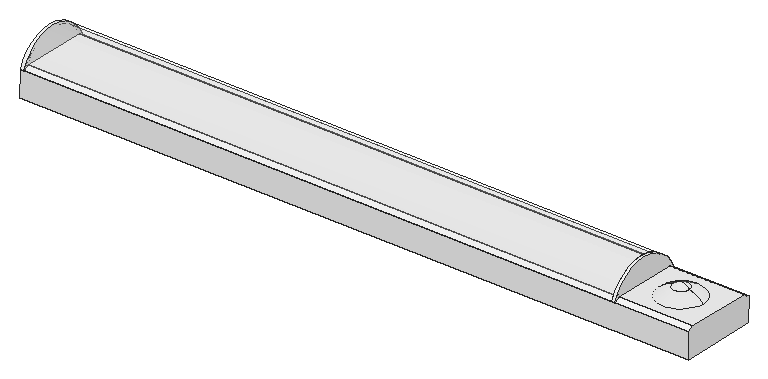
Revit family "LBIL", category Lighting Fixtures, host Face, Revit 2012
Parameters (values of type "LBIL-4-40ML-EU")
  Wattage = 52 W
  built-in parameter 1150110 = 1 (stored number, unit not read)
  Voltage = 120 V
  Wattage Comments = "Up to 110 lumens per watt"
  URL = "http://www.columbialighting.com/"
  built-in parameter 1114217 = 1 (stored number, unit not read)
  Tilt Angle = -90.00°
  built-in parameter 1150109 = 1 (stored number, unit not read)
  built-in parameter 1150134 = 12
  built-in parameter 1150113 = 1 (stored number, unit not read)
  Product Page URL = "http://www.columbialighting.com/products/lbil"
  Product Documentation Link = "http://www.columbialighting.com/content/products/specs/specs_files/lbil.pdf"
  Photometric Web File = "LBIL-4-40ML-EU.ies"
  Nominal Watts = 52 W
  Model = "LBIL"  # constant formula
  Manufacturer Phone = "(864)-678-1000"  # constant formula
  Manufacturer Fax = "(866)-898-1065"  # constant formula
  Manufacturer = "Columbia Lighting"  # constant formula
  Row Length = 4.0 ft
  built-in parameter 1150105 = 417.94 (stored number, unit not read)
  Lumens = 5252 lm
  built-in parameter 1150115 = 1 (stored number, unit not read)
  Lumen Output = "Medium Lumen"
  built-in parameter 1150137 = (empty or 0)
  built-in parameter 1150139 = (empty or 0)
  built-in parameter 1150112 = 1 (stored number, unit not read)
  built-in parameter 1150114 = 1 (stored number, unit not read)
  Lamp = "LED lamp"
  built-in parameter 1150132 = (empty or 0)
  built-in parameter 1150102 = (empty or 0)
  built-in parameter 1150107 = 4000 (stored number, unit not read)
  built-in parameter 1150138 = (empty or 0)
  built-in parameter 1150106 = 4.1794 (stored number, unit not read)
  Glass = White Glass
  Emit from Line Length = 2.0 ft
  built-in parameter 1150104 = 9.3832 (stored number, unit not read)
  Dimming Lamp Color Temperature Shift = <None>
  Description = "LBIL maximizes energy savings in these spaces by intelligently managing illumination levels to avoid wasted watts"  # constant formula
  Default Elevation = 4.0 ft
  Color Filter = 16777215
  built-in parameter 1114218 = 1 (stored number, unit not read)
  Backbox = White
  built-in parameter 1150133 = 10 (stored number, unit not read)
  Apparent Load = 0 VA
Reference planes (ft)
  plane 1 "Center (Front/Back)": y = 0.003333
  plane 2: z = 0
  plane 3 "Center (Left/Right)": x = 0.13912
  plane 4: x = -1.86088
  plane 5: x = 2.13912
Dimensions and locks (ft)
  equal spacing: plane 5, plane 3 "Center (Left/Right)", plane 4
  "Row Length": plane 5 to plane 4
  aligned and locked: plane 2 to host face
  aligned and locked: level to host face
  aligned and locked: plane 3 "Center (Left/Right)" to nested 1
  aligned and locked: plane 4 to nested 1
  aligned and locked: plane 5 to nested 1
  aligned and locked: plane 1 "Center (Front/Back)" to nested 1
  aligned and locked: imposter light to nested 1  (x2)
  aligned and locked: nested 1 to imposter light
Automatic sketch dimensions
  host sketch curve to host sketch curve = 8.0 ft  (x2)
Nested families (ft)
  nested 1: "LED Bi-Level Luminaire" at (0.309759, 0, 0), Glass <- "Glass", Backbox <- "Backbox", Row Length <- "Row Length", type "LED Bi-Level Luminaire"
    with Row Length 4.0 ft, Glass White Glass, Backbox White
Connectors (ft)
  electrical at (1.258912, 0.003333, 0), driven by "Voltage", driven by "Description"
    settings: on nested 1, index 1, voltage 120 V, apparent load 0 VA, apparent load phase1 0 VA, apparent load phase2 0 VA, apparent load phase3 0 VA, power factor 1, load classification "Other", number of poles 1, system type 30, power factor state 1, is connector primary yes, connector utility no, sub classification motor no, connector description "LBIL maximizes energy savings in these spaces by intelligently managing illumination levels to avoid wasted watts"
Definition of nested family "LED Bi-Level Luminaire"
  Parameters (values of type "LED Bi-Level Luminaire")
    Wattage Comments = ""
    URL = ""
    Row Length [instance] = 4.0 ft
    Product Page URL = ""
    Product Documentation Link = ""
    Model = ""
    Manufacturer Phone = "(864)-678-1000"  # constant formula
    Manufacturer Fax = "(866)-898-1065"  # constant formula
    Manufacturer = ""
    Lamp = ""
    Glass [instance] = White Glass
    Description = ""
    Default Elevation = 4.0 ft
    Backbox [instance] = White
  Reference planes (ft)
    plane 1 "Center (Front/Back)": y = 0.003333
    plane 2: z = 0
    plane 3 "Center (Left/Right)": x = -0.170639
    plane 4: x = -2.170639
    plane 5: x = 1.829361
    plane 6: x = -2.149806
    plane 7: x = 1.808527
    plane 8: z = 0.333333
    plane 9: z = 0.166667
    plane 10: y = 0.253333
    plane 11: y = -0.246667
    plane 12: z = 0.1875
    plane 13: y = 0.219999
    plane 14: y = -0.213334
    plane 15: x = 2.329361
    plane 16: x = 2.079361
    plane 17: z = 0.241667
    plane 18: z = 0.27125
    plane 19: x = 2.133527
    plane 20: x = 2.229361
  Forms (ft)
    Extrusion 1, solid
      sketch origin (0, 0, 0.005297) x (1, 0, 0) y (0, 1, 0)
        loop
          line (-4, 4) -> (-4, -4) -> (4, -4) -> (4, 4) -> (-4, 4)
      from -0.005297 to -1.478638
    Extrusion 2, solid, material "White" <- "Backbox"
      sketch origin (-0.170639, 0, 0) x (0, 1, 0) y (0, 0, 1)
        loop
          line (0.253333, 0) -> (0.253333, 0.166667) -> (0.219999, 0.1875) -> (-0.213334, 0.1875) -> (-0.246667, 0.166667) -> (-0.246667, 0) -> (0.253333, 0)
      from -1.979167 to 2.5
    Extrusion 3, solid, material "White Glass" <- "Glass"
      sketch origin (-0.170639, 0, 0) x (0, 1, 0) y (0, 0, 1)
        loop
          arc (0.253333, 0.166667) -> (0.003333, 0.333333) -> (-0.246667, 0.166667) r 0.270833
          line (-0.246667, 0.166667) -> (-0.213334, 0.1875)
          arc (-0.213334, 0.1875) -> (0.003333, 0.324599) -> (0.219999, 0.1875) r 0.239756
          line (0.219999, 0.1875) -> (0.253333, 0.166667)
      from -1.979167 to 1.979167
    Extrusion 4, solid, material "White" <- "Backbox"
      sketch origin (-0.170639, 0, 0) x (0, 1, 0) y (0, 0, 1)
        loop
          arc (0.253333, 0.166667) -> (0.003333, 0.333333) -> (-0.246667, 0.166667) r 0.270833
          line (-0.246667, 0.166667) -> (-0.246667, 0) -> (0.253333, 0) -> (0.253333, 0.166667)
      from 1.979167 to 2
    Extrusion 5, solid, material "White" <- "Backbox"
      sketch origin (-0.170639, 0, 0) x (0, 1, 0) y (0, 0, 1)
        loop
          line (-0.246667, 0.166667) -> (-0.246667, 0) -> (0.253333, 0) -> (0.253333, 0.166667)
          arc (0.253333, 0.166667) -> (0.003333, 0.333333) -> (-0.246667, 0.166667) r 0.270833
      from -2 to -1.979167
    Revolve 6, solid, material "White Glass" <- "Glass"
      sketch origin (0, 0.003333, 0) x (1, 0, 0) y (0, 0, 1)
        loop
          line (2.079361, 0.270833) -> (2.079361, 0.1875) -> (2.229361, 0.1875)
          arc (2.229361, 0.1875) -> (2.184993, 0.220863) -> (2.133527, 0.241667) r 0.213608
          arc (2.133527, 0.241667) -> (2.110201, 0.263227) -> (2.079361, 0.270833) r 0.063666
        axis (2.079361, 0.270833) -> (2.079361, 0.1875)
      angle from 0 to 360
  Cuts and joins
    joined: Extrusion 2, Extrusion 4, Extrusion 5
  Dimensions and locks (ft)
    equal spacing: plane 5, plane 3 "Center (Left/Right)", plane 4
    locked: plane 6 to plane 4 at 0.020833
    "Row Length": plane 5 to plane 4
    equal spacing: plane 7, plane 3 "Center (Left/Right)", plane 6
    locked: plane 8 to plane 2 at 0.333333
    locked: plane 9 to plane 2 at 0.166667
    equal spacing: plane 10, plane 1 "Center (Front/Back)", plane 11
    locked: plane 10 to plane 11 at 0.5
    locked: plane 12 to plane 2 at 0.1875
    locked: plane 10 to plane 13 at 0.033333
    equal spacing: plane 13, plane 1 "Center (Front/Back)", plane 14
    locked: plane 15 to plane 5 at 0.5
    locked: plane 16 to plane 5 at 0.25
    locked: plane 17 to plane 12 at 0.054167
    locked: plane 18 to plane 17 at 0.029583
    locked: plane 19 to plane 16 at 0.054167
    locked: plane 20 to plane 16 at 0.15
    aligned and locked: plane 2 to Extrusion 1
    aligned and locked: level to Extrusion 1
    aligned and locked: Extrusion 2 sketch curve to plane 10
    aligned and locked: Extrusion 2 sketch curve to level
    aligned and locked: plane 11 to Extrusion 2 sketch curve
    aligned and locked: plane 10 to Extrusion 2 sketch curve
    aligned and locked: plane 13 to Extrusion 2 sketch curve
    aligned and locked: plane 12 to Extrusion 2 sketch curve  (x2)
    aligned and locked: plane 9 to Extrusion 2 sketch curve  (x2)
    aligned and locked: plane 14 to Extrusion 2 sketch curve
    aligned and locked: Extrusion 2 to plane 6
    aligned and locked: Extrusion 2 to Extrusion 3 sketch curve  (x2)
    aligned and locked: plane 13 to Extrusion 3 sketch curve
    aligned and locked: plane 10 to Extrusion 3 sketch curve
    aligned and locked: plane 9 to Extrusion 3 sketch curve  (x2)
    aligned and locked: plane 12 to Extrusion 3 sketch curve
    aligned and locked: plane 14 to Extrusion 3 sketch curve
    aligned and locked: plane 7 to Extrusion 3
    aligned and locked: Extrusion 3 to plane 6
    aligned and locked: Extrusion 4 sketch curve to Extrusion 3
    aligned and locked: Extrusion 4 sketch curve to Extrusion 2  (x3)
    aligned and locked: plane 5 to Extrusion 4
    aligned and locked: Extrusion 4 to plane 7
    aligned and locked: plane 15 to Extrusion 2
    aligned and locked: Extrusion 5 sketch curve to Extrusion 4  (x4)
    aligned and locked: Extrusion 5 to plane 4
    aligned and locked: plane 6 to Extrusion 5
    aligned and locked: Revolve 6 sketch curve to plane 16  (x2)
    aligned and locked: plane 19 to Revolve 6 sketch curve
    aligned and locked: plane 17 to Revolve 6 sketch curve
    aligned and locked: plane 20 to Revolve 6 sketch curve
    aligned and locked: plane 12 to Revolve 6 sketch curve
    aligned and locked: Revolve 6 sketch curve to cut or joined group of Extrusion 2, Extrusion 4, Extrusion 5
  Automatic sketch dimensions
    Extrusion 1 sketch curve to Extrusion 1 sketch curve = 8.0 ft  (x2)
    Extrusion 3 sketch curve to plane 11 = 0.0 ft
    Extrusion 3 sketch curve to plane 9 = 0.081824 ft
    Extrusion 3 sketch curve to Extrusion 3 sketch curve = 0.022343 ft
    plane 16 to Revolve 6 sketch curve = 0.000525 ft
    plane 16 to Revolve 6 sketch curve = 0.000656 ft
    Revolve 6 sketch curve to plane 9 = 0.041667 ft
    plane 12 to Revolve 6 sketch curve = 0.019671 ft
    Revolve 6 sketch curve to plane 8 = 0.020833 ft
